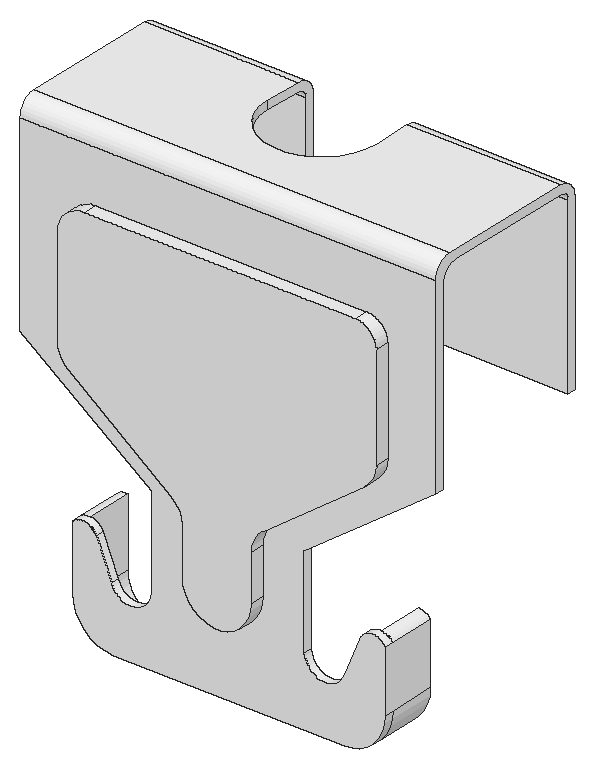
Revit family "特殊25mmSクリップ", category 機械設備, Revit 2020
Family settings
  丸型コネクタ寸法 = 直径を使用
  種別 = なし
  パーツ タイプ = 標準
  作業面ベース = いいえ
  常に垂直 = はい
  ロード時にボイドで切り取り = いいえ
  共有 = いいえ
  部屋計算ポイント = いいえ
Parameters
  製造元 = "株式会社桐井製作所"
  既定の高さ = 0 mm
  URL = "https://www.kirii.co.jp/"
  K_品名 = "特殊25mmSクリップ"
  K_名称 = "特殊クリップ"
  K_入数 = "1000"
  K_バージョン情報 = "20211012"
Reference planes
  plane 1 "中心(正面/背面)": y = 0
  plane 2: z = 0
  plane 3 "中心(左/右)": x = 0
Forms (mm)
  Extrusion 1, solid
    sketch origin (0, 30, 0) x (0, 1, 0) y (0, 0, 1)
      loop
        line (-30, 0) -> (-29.4, -0.6) -> (-29.4, 31.75)
        arc (-29.4, 31.75) -> (-29.034, 32.634) -> (-28.15, 33) r 1.25
        line (-28.15, 33) -> (-18.75, 33)
        arc (-18.75, 33) -> (-18.29, 32.81) -> (-18.1, 32.35) r 0.65
        line (-18.1, 32.35) -> (-18.1, 19.25) -> (-17.5, 19.85) -> (-17.5, 32.35)
        arc (-17.5, 32.35) -> (-17.866, 33.234) -> (-18.75, 33.6) r 1.25
        line (-18.75, 33.6) -> (-28.75, 33.6)
        arc (-28.75, 33.6) -> (-29.634, 33.234) -> (-30, 32.35) r 1.25
        line (-30, 32.35) -> (-30, 0)
    from -15.091 to 14.909
  Extrusion 2, void
    sketch origin (0, -0.6, -0.8) x (0, 1, 0) y (0, 0, 1)
      loop
        line (0.387, 0.8) -> (0.387, -0.064) -> (1.428, -0.064) -> (1.428, 0.8) -> (0.387, 0.8)
    from -15.091 to 14.909
  Extrusion 3, void
    sketch origin (0, -4.1, -4.895) x (0, 1, 0) y (0, 0, 1)
      loop
        line (15.771, 24.744) -> (15.771, 23.898) -> (16.775, 23.898) -> (16.775, 24.744) -> (15.771, 24.744)
    from -15.091 to 14.909
  Extrusion 4, void
    sketch origin (0, 0, 0) x (1, 0, 0) y (0, 1, 0)
      loop
        line (-3.962, 12.5) -> (-4.091, 8.5)
        arc (-4.091, 8.5) -> (-0.091, 4.5) -> (3.909, 8.5) r 4
        line (3.909, 8.5) -> (3.78, 12.5) -> (-3.962, 12.5)
    from 19.002 to 33.6
  Extrusion 5, solid
    sketch origin (0, 0, 0) x (1, 0, 0) y (0, 0, 1)
      loop
        arc (-9.591, 28.6) -> (-11.005, 28.014) -> (-11.591, 26.6) r 2
        line (-11.591, 26.6) -> (-11.591, 19.602)
        arc (-11.591, 19.602) -> (-11.379, 18.706) -> (-10.788, 18) r 2
        line (-10.788, 18) -> (-3.381, 12.464)
        arc (-3.381, 12.464) -> (-2.79, 11.758) -> (-2.578, 10.862) r 2
        line (-2.578, 10.862) -> (-2.578, 7.521)
        arc (-2.578, 7.521) -> (-0.078, 5.021) -> (2.422, 7.521) r 2.5
        line (2.422, 7.521) -> (2.422, 10.881)
        arc (2.422, 10.881) -> (2.634, 11.777) -> (3.225, 12.483) r 2
        line (3.225, 12.483) -> (10.607, 18)
        arc (10.607, 18) -> (11.197, 18.706) -> (11.409, 19.602) r 2
        line (11.409, 19.602) -> (11.409, 27.1)
        arc (11.409, 27.1) -> (10.97, 28.161) -> (9.909, 28.6) r 1.5
        line (9.909, 28.6) -> (-9.591, 28.6)
    from 0 to 1
  Extrusion 6, void
    sketch origin (0, 0, 0) x (1, 0, 0) y (0, 0, 1)
      loop
        line (-15.091, 18.6) -> (-15.091, 0) -> (-8.3, 0)
        arc (-8.3, 0) -> (-10.421, 0.879) -> (-11.3, 3) r 3
        line (-11.3, 3) -> (-11.3, 7.657)
        arc (-11.3, 7.657) -> (-10.338, 7.895) -> (-9.586, 7.25) r 1.082
        line (-9.586, 7.25) -> (-8.507, 4.6)
        arc (-8.507, 4.6) -> (-6.886, 3.614) -> (-5.591, 5) r 1.504
        line (-5.591, 5) -> (-5.591, 11.6) -> (-15.091, 18.6)
      loop
        line (14.909, 0) -> (14.909, 18.6) -> (5.409, 11.6) -> (5.409, 5)
        arc (5.409, 5) -> (6.705, 3.614) -> (8.326, 4.6) r 1.504
        line (8.326, 4.6) -> (9.404, 7.25)
        arc (9.404, 7.25) -> (10.291, 7.918) -> (11.3, 7.453) r 1.082
        line (11.3, 7.453) -> (11.3, 3)
        arc (11.3, 3) -> (10.421, 0.879) -> (8.3, 0) r 3
        line (8.3, 0) -> (14.909, 0)
    from -0.6 to 0.455
  Extrusion 7, solid
    sketch origin (0, 0, 0) x (1, 0, 0) y (0, 0, 1)
      loop
        line (-8.3, 0) -> (8.3, 0)
        arc (8.3, 0) -> (10.421, 0.879) -> (11.3, 3) r 3
        line (11.3, 3) -> (11.3, 7.453)
        arc (11.3, 7.453) -> (10.952, 7.777) -> (10.5, 7.92) r 1.082
        line (10.5, 7.92) -> (10.5, 2.8)
        arc (10.5, 2.8) -> (9.856, 1.244) -> (8.3, 0.6) r 2.2
        line (8.3, 0.6) -> (-8.309, 0.6)
        arc (-8.309, 0.6) -> (-9.934, 1.317) -> (-10.5, 3) r 2.2
        line (-10.5, 3) -> (-10.5, 7.921)
        arc (-10.5, 7.921) -> (-10.927, 7.87) -> (-11.3, 7.657) r 1.082
        line (-11.3, 7.657) -> (-11.3, 3)
        arc (-11.3, 3) -> (-10.421, 0.879) -> (-8.3, 0) r 3
    from -4 to 0
Cuts and joins
  Extrusion 2, Extrusion 3, Extrusion 4, Extrusion 6 cuts Extrusion 1
  joined: Extrusion 1, Extrusion 5, Extrusion 7
Dimensions and locks
  aligned and locked: level to plane 2
Automatic sketch dimensions
  Extrusion 1 sketch curve to Extrusion 1 sketch curve = 0 mm  (x3)
  Extrusion 1 sketch curve to level = 0 mm
  Extrusion 1 sketch curve to plane 1 "中心(正面/背面)" = 0 mm
  Extrusion 1 sketch curve to plane 1 "中心(正面/背面)" = 0.6 mm
  Extrusion 1 sketch curve to Extrusion 1 sketch curve = 0.65 mm
  Extrusion 1 sketch curve to Extrusion 1 sketch curve = 0.6 mm  (x3)
  Extrusion 1 sketch curve to Extrusion 1 sketch curve = 9.4 mm
  Extrusion 1 sketch curve to plane 1 "中心(正面/背面)" = 11.9 mm
  Extrusion 1 sketch curve to level = 0.6 mm
  level to Extrusion 1 sketch curve = 19.25 mm
  Extrusion 1 sketch curve to Extrusion 1 sketch curve = 11.9 mm
  Extrusion 2 sketch curve to level = 0 mm
  plane 1 "中心(正面/背面)" to Extrusion 2 sketch curve = 0.213 mm
  Extrusion 2 sketch curve to plane 1 "中心(正面/背面)" = 0.828 mm
  Extrusion 2 sketch curve to level = 0.865 mm
  Extrusion 3 sketch curve to plane 1 "中心(正面/背面)" = 11.671 mm
  Extrusion 3 sketch curve to Extrusion 3 sketch curve = 1.003 mm
  level to Extrusion 3 sketch curve = 19.002 mm
  Extrusion 3 sketch curve to Extrusion 3 sketch curve = 0.847 mm
  Extrusion 4 sketch curve to plane 3 "中心(左/右)" = 4.091 mm
  Extrusion 4 sketch curve to plane 3 "中心(左/右)" = 3.962 mm
  Extrusion 4 sketch curve to plane 3 "中心(左/右)" = 0.091 mm
  plane 3 "中心(左/右)" to Extrusion 4 sketch curve = 3.78 mm
  Extrusion 4 sketch curve to plane 1 "中心(正面/背面)" = 8.5 mm
  Extrusion 4 sketch curve to Extrusion 4 sketch curve = 4 mm
  Extrusion 5 sketch curve to plane 3 "中心(左/右)" = 11.591 mm
  Extrusion 5 sketch curve to Extrusion 5 sketch curve = 0.803 mm  (x3)
  Extrusion 5 sketch curve to Extrusion 5 sketch curve = 2 mm
  Extrusion 5 sketch curve to Extrusion 5 sketch curve = 1.197 mm  (x4)
  Extrusion 5 sketch curve to plane 3 "中心(左/右)" = 4.578 mm
  Extrusion 5 sketch curve to plane 3 "中心(左/右)" = 0.078 mm
  plane 3 "中心(左/右)" to Extrusion 5 sketch curve = 9.409 mm
  Extrusion 5 sketch curve to Extrusion 5 sketch curve = 0.5 mm
  Extrusion 5 sketch curve to Extrusion 5 sketch curve = 1.5 mm
  level to Extrusion 5 sketch curve = 7.521 mm
  Extrusion 5 sketch curve to Extrusion 5 sketch curve = 3.342 mm
  Extrusion 5 sketch curve to Extrusion 5 sketch curve = 3.361 mm
  Extrusion 5 sketch curve to Extrusion 5 sketch curve = 5.517 mm
  Extrusion 5 sketch curve to Extrusion 5 sketch curve = 5.536 mm
  Extrusion 5 sketch curve to Extrusion 5 sketch curve = 6.998 mm
  Extrusion 6 sketch curve to level = 0 mm  (x2)
  Extrusion 6 sketch curve to plane 3 "中心(左/右)" = 15.091 mm
  level to Extrusion 6 sketch curve = 3 mm
  Extrusion 6 sketch curve to Extrusion 6 sketch curve = 3.791 mm
  Extrusion 6 sketch curve to Extrusion 6 sketch curve = 0.712 mm
  Extrusion 6 sketch curve to Extrusion 6 sketch curve = 1.003 mm  (x2)
  Extrusion 6 sketch curve to Extrusion 6 sketch curve = 0.207 mm
  Extrusion 6 sketch curve to Extrusion 6 sketch curve = 1.417 mm  (x2)
  Extrusion 6 sketch curve to plane 3 "中心(左/右)" = 5.591 mm
  plane 3 "中心(左/右)" to Extrusion 6 sketch curve = 5.409 mm
  Extrusion 6 sketch curve to Extrusion 6 sketch curve = 1.5 mm
  Extrusion 6 sketch curve to Extrusion 6 sketch curve = 1.391 mm
  level to Extrusion 6 sketch curve = 4.6 mm
  Extrusion 6 sketch curve to Extrusion 6 sketch curve = 1.078 mm
  Extrusion 6 sketch curve to Extrusion 6 sketch curve = 3 mm
  Extrusion 6 sketch curve to Extrusion 6 sketch curve = 3.609 mm
  Extrusion 6 sketch curve to Extrusion 6 sketch curve = 1.6 mm
  Extrusion 6 sketch curve to Extrusion 6 sketch curve = 0.4 mm  (x2)
  Extrusion 6 sketch curve to Extrusion 6 sketch curve = 2.242 mm  (x2)
  Extrusion 6 sketch curve to Extrusion 6 sketch curve = 0.408 mm  (x2)
  Extrusion 6 sketch curve to Extrusion 6 sketch curve = 4.35 mm  (x2)
  Extrusion 6 sketch curve to Extrusion 6 sketch curve = 10.943 mm
  Extrusion 6 sketch curve to Extrusion 6 sketch curve = 11.147 mm
  Extrusion 7 sketch curve to level = 0 mm
  level to Extrusion 7 sketch curve = 3 mm
  Extrusion 7 sketch curve to plane 3 "中心(左/右)" = 11.3 mm
  Extrusion 7 sketch curve to Extrusion 7 sketch curve = 0.8 mm  (x2)
  Extrusion 7 sketch curve to Extrusion 7 sketch curve = 0.009 mm
  level to Extrusion 7 sketch curve = 0.6 mm
  plane 3 "中心(左/右)" to Extrusion 7 sketch curve = 8.3 mm
  Extrusion 7 sketch curve to Extrusion 7 sketch curve = 0 mm
  Extrusion 7 sketch curve to Extrusion 7 sketch curve = 2.107 mm
  Extrusion 7 sketch curve to Extrusion 7 sketch curve = 0.2 mm  (x2)
  Extrusion 7 sketch curve to Extrusion 7 sketch curve = 3.842 mm  (x2)
  Extrusion 7 sketch curve to Extrusion 7 sketch curve = 0.611 mm
  Extrusion 7 sketch curve to Extrusion 7 sketch curve = 0.093 mm
  Extrusion 7 sketch curve to Extrusion 7 sketch curve = 0.263 mm
  Extrusion 7 sketch curve to Extrusion 7 sketch curve = 0.712 mm
